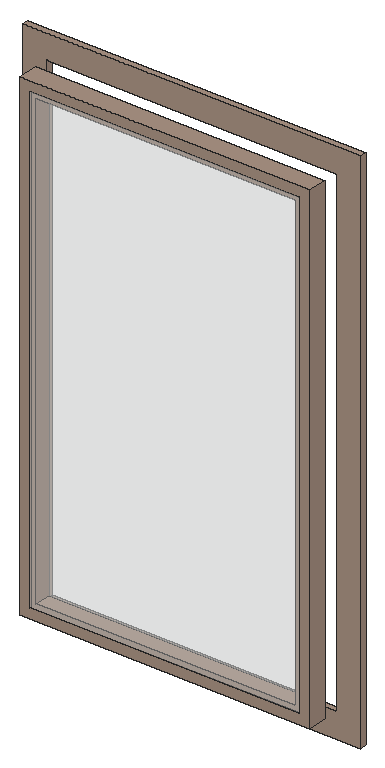
Revit family
Parameters (values of type "900 x 1500 mm")
  Height = 1500 mm
  Glass Panel = Glass (2)
  Frame Width = 45 mm
  Frame Depth = 60 mm
  Frame = Wood
  Default Sill Height = 800 mm
  TrimProjection = 20 mm
  Wall Closure = (empty or 0)
  Width = 900 mm
Types (4, lengths in mm): name | Width
  (no name) | 900
  750 x 1500 mm | 750
  900 x 1500 mm | 900
  1000 x 1500 mm | 1000
Reference planes
  plane 1: y = 0
  plane 2 "Center (Left/Right)": x = 0
  plane 3 "Left": x = -450
  plane 4 "Right": x = 450
  plane 5 "Sill": z = 800
  plane 6 "Head": z = 2300
  plane 7 "Exterior": y = 75
  plane 8 "Interior": y = -75
  plane 9: x = -405
  plane 10: x = 405
  plane 11: y = 30
  plane 12: y = -30
  plane 13: z = 2255
  plane 14: z = 845
Forms (mm)
  Extrusion 1, solid, material "Wood" <- "Frame"
    sketch origin (3500, 75, 0) x (-1, 0, 0) y (0, 0, 1)
      loop
        line (3050, 2300) -> (3050, 800) -> (3950, 800) -> (3950, 2300) -> (3050, 2300)
      loop
        line (2975, 2375) -> (2975, 725) -> (4025, 725) -> (4025, 2375) -> (2975, 2375)
    from 0 to 20
  Sweep 2, solid, material "Wood" <- "Frame"
    path origin (0, 0, 0) x (1, 0, 0) y (0, 0, 1)
      loop
        line (-450, 800) -> (450, 800) -> (450, 2300) -> (-450, 2300) -> (-450, 800)
    profile origin (0, 0, 1550) x (-1, 0, 0) y (0, -1, 0)
      loop
        line (450, 30) -> (420, 30) -> (420, 26) -> (405, 26) -> (405, -26) -> (420, -26) -> (420, -30) -> (450, -30) -> (450, 30)
  Extrusion 3, solid, material "Glass (2)" <- "Glass Panel"
    sketch origin (0, 0, 845) x (0, -1, 0) y (-1, 0, 0)
      loop
        line (-30, 420) -> (-30, -420) -> (-26, -420) -> (-26, 420) -> (-30, 420)
      loop
        line (26, 420) -> (26, -420) -> (30, -420) -> (30, 420) -> (26, 420)
    from 15 to -1425
Lines and regions (mm)
  Opening 1
    outline origin (3500, -75, 0) x (1, 0, 0) y (0, 0, 1)
      loop
        line (-3050, 800) -> (-3050, 2300) -> (-3950, 2300) -> (-3950, 800) -> (-3050, 800)
  symbolic lines, style "WindowsFrameMullionProjection", detail levels medium+fine
    curve 1: line (-450, 30, 0) -> (-450, -30, 0)
    curve 2: line (-450, 30, 0) -> (-420, 30, 0)
    curve 3: line (-420, 30, 0) -> (-420, 26, 0)
    curve 4: line (-420, 26, 0) -> (-405, 26, 0)
    curve 5: line (-405, 26, 0) -> (-405, -26, 0)
    curve 6: line (-405, -26, 0) -> (-420, -26, 0)
    curve 7: line (-420, -26, 0) -> (-420, -30, 0)
    curve 8: line (-450, -30, 0) -> (-420, -30, 0)
    curve 9: line (450, 30, 0) -> (450, -30, 0)
    curve 10: line (450, 30, 0) -> (420, 30, 0)
    curve 11: line (420, 30, 0) -> (420, 26, 0)
    curve 12: line (420, 26, 0) -> (405, 26, 0)
    curve 13: line (405, 26, 0) -> (405, -26, 0)
    curve 14: line (405, -26, 0) -> (420, -26, 0)
    curve 15: line (420, -26, 0) -> (420, -30, 0)
    curve 16: line (420, -30, 0) -> (450, -30, 0)
  symbolic lines, style "WindowsGlassProjection"
    curve 17: line (-420, 30, 0) -> (420, 30, 0)
    curve 18: line (-420, 26, 0) -> (420, 26, 0)
    curve 19: line (-420, -30, 0) -> (420, -30, 0)
    curve 20: line (-420, -26, 0) -> (420, -26, 0)
  symbolic lines, style "Trim"
    curve 21: line (-525, 75, 0) -> (525, 75, 0)
    curve 22: line (-525, 95, 0) -> (-525, 75, 0)
    curve 23: line (525, 95, 0) -> (-525, 95, 0)
    curve 24: line (525, 75, 0) -> (525, 95, 0)
  symbolic lines, style "WindowsFrameMullionProjection", detail levels coarse
    curve 25: line (-420, -30, 0) -> (-450, -30, 0)
    curve 26: line (-420, 30, 0) -> (-420, -30, 0)
    curve 27: line (-450, 30, 0) -> (-420, 30, 0)
    curve 28: line (-450, -30, 0) -> (-450, 30, 0)
    curve 29: line (420, 30, 0) -> (450, 30, 0)
    curve 30: line (420, -30, 0) -> (420, 30, 0)
    curve 31: line (450, -30, 0) -> (420, -30, 0)
    curve 32: line (450, 30, 0) -> (450, -30, 0)
Text (mm)
  text "EXTERIOR" at (-1981.535, 863.181, 0), in view "Ref. Level"
  text "INTERIOR" at (-2017.992, -707.606, 0), in view "Ref. Level"
  text "Exterior" at (0, 923.751, 2943.296), in view "Right"
  text "Exterior" at (0, 1019.841, 2788.626), in view "Left"
Dimensions and locks
  equal spacing: plane 3 "Left", plane 2 "Center (Left/Right)", plane 4 "Right"
  "Width": plane 3 "Left" to plane 4 "Right"
  "Height": plane 5 "Sill" to plane 6 "Head"
  "Default Sill Height": plane 5 "Sill" to level
  "TrimProjection": Extrusion 1 to host wall
  locked: plane 7 "Exterior" to host wall
  locked: plane 8 "Interior" to host wall
  "Frame Width": plane 3 "Left" to plane 9
  "Frame Width": plane 10 to plane 4 "Right"
  equal spacing: plane 12, plane 1, plane 11
  "Frame Depth": plane 12 to plane 11
  "Frame Width": plane 6 "Head" to plane 13
  "Frame Width": plane 14 to plane 5 "Sill"
  locked: Sweep 2 sketch curve to Sweep 2 sketch curve at 15  (x2)
  equal spacing: plane 8 "Interior", plane 1, plane 7 "Exterior"
  aligned and locked: host wall to Sweep 2 sketch curve
  aligned and locked: Sweep 2 sketch curve to host wall  (x3)
  aligned and locked: plane 12 to Sweep 2 sketch curve
  aligned and locked: Sweep 2 sketch curve to plane 3 "Left"
  aligned and locked: plane 11 to Sweep 2 sketch curve
  aligned and locked: plane 9 to Sweep 2 sketch curve  (x2)
  aligned and locked: Extrusion 3 sketch curve to Sweep 2  (x6)
  aligned and locked: Sweep 2 to Extrusion 3 sketch curve  (x2)
  aligned and locked: Extrusion 3 to Sweep 2  (x4)
  aligned and locked: Extrusion 3 to plane 11
  aligned and locked: plane 12 to Extrusion 3
  aligned and locked: curve 1 to Sweep 2
  aligned and locked: curve 2 to Sweep 2
  aligned and locked: curve 3 to Sweep 2
  aligned and locked: curve 4 to Sweep 2
  aligned and locked: curve 5 to Sweep 2
  aligned and locked: curve 6 to Sweep 2
  aligned and locked: Sweep 2 to curve 7
  aligned and locked: curve 7 to Sweep 2
  aligned and locked: curve 8 to Sweep 2
  aligned and locked: curve 9 to Sweep 2
  aligned and locked: curve 10 to Sweep 2
  aligned and locked: Sweep 2 to curve 11
  aligned and locked: curve 11 to Sweep 2
  aligned and locked: curve 13 to Sweep 2
  aligned and locked: Sweep 2 to curve 14
  aligned and locked: curve 15 to Sweep 2
  aligned and locked: Sweep 2 to curve 16
  aligned and locked: plane 11 to curve 17
  aligned and locked: Extrusion 1 to curve 21
  aligned and locked: curve 21 to Extrusion 1
  aligned and locked: curve 24 to Extrusion 1  (x2)
  aligned and locked: curve 28 to Sweep 2
  aligned and locked: plane 11 to curve 29
  aligned and locked: Sweep 2 to curve 32
Automatic sketch dimensions
  Opening 1 sketch curve to plane 3 "Left" = 0 mm
  Opening 1 sketch curve to plane 4 "Right" = 0 mm
  Opening 1 sketch curve to plane 5 "Sill" = 0 mm
  Opening 1 sketch curve to plane 6 "Head" = 0 mm
  Extrusion 1 sketch curve to plane 4 "Right" = 0 mm
  Extrusion 1 sketch curve to plane 3 "Left" = 0 mm
  Extrusion 1 sketch curve to plane 4 "Right" = 75 mm
  plane 3 "Left" to Extrusion 1 sketch curve = 75 mm
  Extrusion 1 sketch curve to plane 5 "Sill" = 0 mm
  Extrusion 1 sketch curve to plane 6 "Head" = 0 mm
  Extrusion 1 sketch curve to Extrusion 1 sketch curve = 75 mm
  Extrusion 1 sketch curve to plane 6 "Head" = 75 mm
  Sweep 2 sketch curve to Sweep 2 sketch curve = 4 mm  (x2)
  curve 18 to curve 3 = 0 mm
